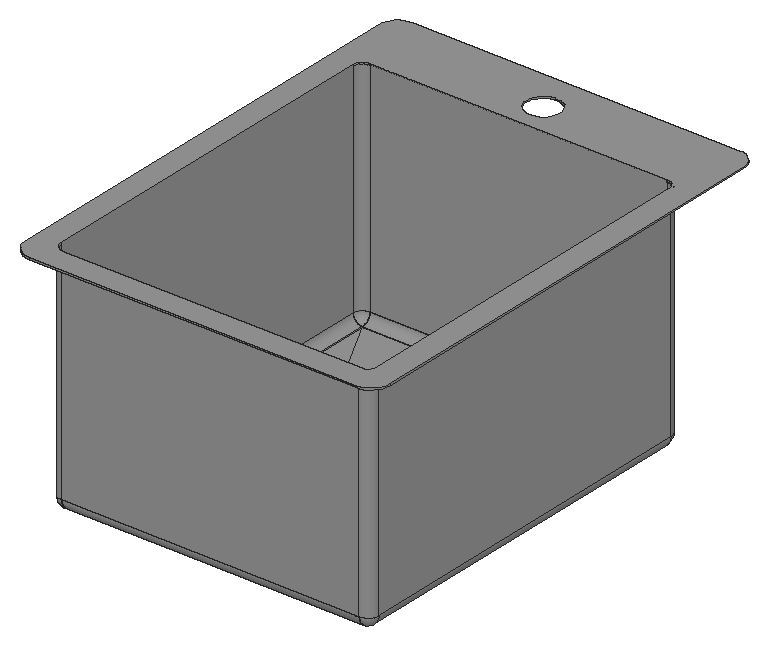
Revit family "BUILDMAT-TLAN020-Evelyn-380-Tap-Landing-Stainless-Steel", category Plumbing Fixtures, host Face, Revit 2020
Family settings
  Host = Face
  Round Connector Dimension = Use Diameter
  Part Type = Normal
  Cut with Voids When Loaded = No
  Shared = No
  Room Calculation Point = No
Parameters (values of type "Evelyn 380x500x250mm")
  Width = 330.0 mm
  Undermount [instance] = 0.0 mm
  URL = "https://www.buildmat.com.au/products/evelyn-380-single-bowl-tap-landing-sink"
  Model = "TLAN020"  # constant formula
  Manufacturer URL = "https://www.buildmat.com.au/"
  Manufacturer = "BUILDMAT"  # constant formula
  Length = 400.0 mm
  Description = "BUILDMAT - Evelyn 380x500 Single Bowl with Tap Landing Sink"  # constant formula
  Depth = 250.0 mm
  Default Elevation = 1219.2 mm
  Created By URL = "https://www.buildmat.com.au/"
  Created By = "BUILDMAT"  # constant formula
  Created = "22.06.2022"  # constant formula
  Material = BUILDMAT Stainless Steel
Reference planes
  plane 1 "Center (Front/Back)": y = 0
  plane 2: z = 0
  plane 3 "Center (Left/Right)": x = 0
  plane 4 "Top Substrate": z = 0
  plane 5 "Left": x = -165
  plane 6 "Right": x = 165
  plane 7 "Back": y = 200
  plane 8 "Front": y = -200
  plane 9: x = -190
  plane 10: x = 190
  plane 11: y = -225
  plane 12: y = 275
  plane 13 "Bottom Void": z = -250
  plane 14: z = 1.5
  plane 15: x = -166.5
  plane 16: y = -201.5
  plane 17: x = 166.5
  plane 18: y = 201.5
  plane 19: z = -240
  plane 20: z = -230
  plane 21: x = -155
  plane 22: x = 155
  plane 23: y = -190
  plane 24: y = 190
  plane 25: z = -245
  plane 26: z = -241.5
  plane 27: z = -246.5
  plane 28: x = -100
  plane 29: x = 100
  plane 30 "Sound Pad": z = -130
  plane 31 "Front Bracket": y = -100
  plane 32 "Back Bracket": y = 100
  plane 33: x = -65
  plane 34: x = 65
  plane 35: x = -57
  plane 36: x = 57
  plane 37: x = -45
  plane 38: x = 45
  plane 39: y = 232
  plane 40: y = 251.5
  plane 41: x = -178.2
  plane 42: z = -15
  plane 43: x = 178.2
  plane 44: x = -176.7
  plane 45: x = 176.7
Forms (mm)
  Extrusion 1, void
    sketch origin (0, 0, 0) x (1, 0, 0) y (0, 1, 0)
      loop
        arc (-155, 200) -> (-162.071, 197.071) -> (-165, 190) r 10
        line (-165, 190) -> (-165, -190)
        arc (-165, -190) -> (-162.071, -197.071) -> (-155, -200) r 10
        line (-155, -200) -> (155, -200)
        arc (155, -200) -> (162.071, -197.071) -> (165, -190) r 10
        line (165, -190) -> (165, 190)
        arc (165, 190) -> (162.071, 197.071) -> (155, 200) r 10
        line (155, 200) -> (-155, 200)
    from 0 to 1.5
  Extrusion 2, void
    sketch origin (0, 0, 0) x (1, 0, 0) y (0, 1, 0)
      loop
        line (-166.5, 201.5) -> (-166.5, -201.5) -> (166.5, -201.5) -> (166.5, 201.5) -> (-166.5, 201.5)
    from 0 to -250
  Extrusion 3, void
    sketch origin (0, 0, 0) x (1, 0, 0) y (0, 1, 0)
      loop
        arc (-170, 275) -> (-184.142, 269.142) -> (-190, 255) r 20
        line (-190, 255) -> (-190, -205)
        arc (-190, -205) -> (-184.142, -219.142) -> (-170, -225) r 20
        line (-170, -225) -> (170, -225)
        arc (170, -225) -> (184.142, -219.142) -> (190, -205) r 20
        line (190, -205) -> (190, 255)
        arc (190, 255) -> (184.142, 269.142) -> (170, 275) r 20
        line (170, 275) -> (-170, 275)
    from 1.5 to 0
  Extrusion 4, solid, material "BUILDMAT Stainless Steel" <- "Material"
    sketch origin (0, 0, 0) x (-1, 0, 0) y (0, -1, 0)
      loop
        arc (170, -275) -> (184.142, -269.142) -> (190, -255) r 20
        line (190, -255) -> (190, 205)
        arc (190, 205) -> (184.142, 219.142) -> (170, 225) r 20
        line (170, 225) -> (-170, 225)
        arc (-170, 225) -> (-184.142, 219.142) -> (-190, 205) r 20
        line (-190, 205) -> (-190, -255)
        arc (-190, -255) -> (-184.142, -269.142) -> (-170, -275) r 20
        line (-170, -275) -> (170, -275)
      loop
        arc (155, -200) -> (162.071, -197.071) -> (165, -190) r 10
        line (165, -190) -> (165, 190)
        arc (165, 190) -> (162.071, 197.071) -> (155, 200) r 10
        line (155, 200) -> (-155, 200)
        arc (-155, 200) -> (-162.071, 197.071) -> (-165, 190) r 10
        line (-165, 190) -> (-165, -190)
        arc (-165, -190) -> (-162.071, -197.071) -> (-155, -200) r 10
        line (-155, -200) -> (155, -200)
    from 0 to 1.5
  Extrusion 5, solid, material "BUILDMAT Stainless Steel" <- "Material"
    sketch origin (0, 0, 0) x (-1, 0, 0) y (0, -1, 0)
      loop
        arc (155, -201.5) -> (163.132, -198.132) -> (166.5, -190) r 11.5
        line (166.5, -190) -> (166.5, 190)
        arc (166.5, 190) -> (163.132, 198.132) -> (155, 201.5) r 11.5
        line (155, 201.5) -> (-155, 201.5)
        arc (-155, 201.5) -> (-163.132, 198.132) -> (-166.5, 190) r 11.5
        line (-166.5, 190) -> (-166.5, -190)
        arc (-166.5, -190) -> (-163.132, -198.132) -> (-155, -201.5) r 11.5
        line (-155, -201.5) -> (155, -201.5)
      loop
        arc (-155, 200) -> (-162.071, 197.071) -> (-165, 190) r 10
        line (-165, 190) -> (-165, -190)
        arc (-165, -190) -> (-162.071, -197.071) -> (-155, -200) r 10
        line (-155, -200) -> (155, -200)
        arc (155, -200) -> (162.071, -197.071) -> (165, -190) r 10
        line (165, -190) -> (165, 190)
        arc (165, 190) -> (162.071, 197.071) -> (155, 200) r 10
        line (155, 200) -> (-155, 200)
    from 0 to -230
  Revolve 6, solid, material "BUILDMAT Stainless Steel" <- "Material"
    sketch origin (-175.162, 190, 1219.2) x (-1, 0, 0) y (0, 0, 1)
      loop
        line (-340.162, -1449.2) -> (-341.662, -1449.2)
        arc (-341.662, -1449.2) -> (-338.293, -1457.332) -> (-330.162, -1460.7) r 11.5
        line (-330.162, -1460.7) -> (-330.162, -1459.2)
        arc (-330.162, -1459.2) -> (-337.233, -1456.271) -> (-340.162, -1449.2) r 10
      axis (-330.162, -1460.7) -> (-330.162, -1449.2)
    angle from 0 to -90
  Revolve 7, solid, material "BUILDMAT Stainless Steel" <- "Material"
    sketch origin (-175.162, 190, 1219.2) x (-1, 0, 0) y (0, 0, 1)
      loop
        arc (-10.162, -1449.2) -> (-13.091, -1456.271) -> (-20.162, -1459.2) r 10
        line (-20.162, -1459.2) -> (-20.162, -1460.7)
        arc (-20.162, -1460.7) -> (-12.03, -1457.332) -> (-8.662, -1449.2) r 11.5
        line (-8.662, -1449.2) -> (-10.162, -1449.2)
      axis (-20.162, -1449.2) -> (-20.162, -1460.7)
    angle from 0 to -90
  Revolve 8, solid, material "BUILDMAT Stainless Steel" <- "Material"
    sketch origin (-175.162, -190, 1219.2) x (-1, 0, 0) y (0, 0, 1)
      loop
        arc (-10.162, -1449.2) -> (-13.091, -1456.271) -> (-20.162, -1459.2) r 10
        line (-20.162, -1459.2) -> (-20.162, -1460.7)
        arc (-20.162, -1460.7) -> (-12.03, -1457.332) -> (-8.662, -1449.2) r 11.5
        line (-8.662, -1449.2) -> (-10.162, -1449.2)
      axis (-20.162, -1449.2) -> (-20.162, -1460.7)
    angle from 0 to 90
  Revolve 9, solid, material "BUILDMAT Stainless Steel" <- "Material"
    sketch origin (-175.162, -190, 1219.2) x (-1, 0, 0) y (0, 0, 1)
      loop
        line (-340.162, -1449.2) -> (-341.662, -1449.2)
        arc (-341.662, -1449.2) -> (-338.293, -1457.332) -> (-330.162, -1460.7) r 11.5
        line (-330.162, -1460.7) -> (-330.162, -1459.2)
        arc (-330.162, -1459.2) -> (-337.233, -1456.271) -> (-340.162, -1449.2) r 10
      axis (-330.162, -1449.2) -> (-330.162, -1460.7)
    angle from 0 to 90
  Extrusion 10, solid, material "BUILDMAT Stainless Steel" <- "Material"
    sketch origin (0, 0, 0) x (1, 0, 0) y (0, 0, 1)
      loop
        line (-165, -230) -> (-166.5, -230)
        arc (-166.5, -230) -> (-163.132, -238.132) -> (-155, -241.5) r 11.5
        line (-155, -241.5) -> (-155, -240)
        arc (-155, -240) -> (-162.071, -237.071) -> (-165, -230) r 10
    from -190 to 190
  Extrusion 11, solid, material "BUILDMAT Stainless Steel" <- "Material"
    sketch origin (0, 0, 0) x (1, 0, 0) y (0, 0, 1)
      loop
        arc (165, -230) -> (162.071, -237.071) -> (155, -240) r 10
        line (155, -240) -> (155, -241.5)
        arc (155, -241.5) -> (163.132, -238.132) -> (166.5, -230) r 11.5
        line (166.5, -230) -> (165, -230)
    from -190 to 190
  Extrusion 12, solid, material "BUILDMAT Stainless Steel" <- "Material"
    sketch origin (0, 0, 0) x (0, 1, 0) y (0, 0, 1)
      loop
        arc (200, -230) -> (197.071, -237.071) -> (190, -240) r 10
        line (190, -240) -> (190, -241.5)
        arc (190, -241.5) -> (198.132, -238.132) -> (201.5, -230) r 11.5
        line (201.5, -230) -> (200, -230)
    from -155 to 155
  Extrusion 13, solid, material "BUILDMAT Stainless Steel" <- "Material"
    sketch origin (0, 0, 0) x (0, 1, 0) y (0, 0, 1)
      loop
        line (-200, -230) -> (-201.5, -230)
        arc (-201.5, -230) -> (-198.132, -238.132) -> (-190, -241.5) r 11.5
        line (-190, -241.5) -> (-190, -240)
        arc (-190, -240) -> (-197.071, -237.071) -> (-200, -230) r 10
    from -155 to 155
  Revolve 14, solid, material "BUILDMAT Stainless Steel" <- "Material"
    sketch origin (0, 0, 0) x (1, 0, 0) y (0, 0, 1)
      loop
        line (-45, -250) -> (-45, -248.5)
        spline (-45, -248.5) -> (-46.484, -248.459) -> (-47.939, -248.339) -> (-49.337, -248.141) -> (-50.649, -247.871) -> (-51.848, -247.537) -> (-52.908, -247.151) -> (-53.805, -246.726) -> (-54.514, -246.283) -> (-55.023, -245.856) -> (-55.329, -245.483) -> (-55.468, -245.202) -> (-55.5, -245)
        line (-55.5, -245) -> (-57, -245)
        spline (-57, -245) -> (-56.897, -245.653) -> (-56.591, -246.294) -> (-56.087, -246.913) -> (-55.392, -247.5) -> (-54.52, -248.044) -> (-53.485, -248.536) -> (-52.305, -248.967) -> (-51, -249.33) -> (-49.592, -249.619) -> (-48.106, -249.83) -> (-46.566, -249.957) -> (-45, -250)
      axis (0, -245) -> (0, -250)
    angle from 0 to 360
  Blend 15, solid, material "BUILDMAT Stainless Steel" <- "Material"
    base sketch origin (0, 0, 0) x (-1, 0, 0) y (0, -1, 0)
      loop
        circle (0, 0) r 57
    top sketch origin (0, 0, 0) x (-1, 0, 0) y (0, -1, 0)
      loop
        line (155, -190) -> (155, 190) -> (-155, 190) -> (-155, -190) -> (155, -190)
    from -246.5 to -241.5
  Blend 16, void
    base sketch origin (0, 0, 0) x (-1, 0, 0) y (0, -1, 0)
      loop
        circle (0, 0) r 57
    top sketch origin (0, 0, 0) x (-1, 0, 0) y (0, -1, 0)
      loop
        line (155, -190) -> (155, 190) -> (-155, 190) -> (-155, -190) -> (155, -190)
    from -245 to -240
  Extrusion 17, solid, material "BUILDMAT Stainless Steel" <- "Material"
    sketch origin (0, 0, 0) x (-1, 0, 0) y (0, -1, 0)
      loop
        line (155, -190) -> (155, 190) -> (-155, 190) -> (-155, -190) -> (155, -190)
    from -241.5 to -240
  Extrusion 18, void
    sketch origin (0, 0, 0) x (-1, 0, 0) y (0, -1, 0)
      loop
        circle (0, 0) r 57
    from -250 to -230
  Extrusion 19, void
    sketch origin (0, 0, 0) x (-1, 0, 0) y (0, -1, 0)
      loop
        circle (0, -232) r 17.5
    from 0 to 100
Cuts and joins
  Extrusion 19 cuts Extrusion 4
  Extrusion 19 cuts Extrusion 5
  joined: Extrusion 4, Extrusion 5
  joined: Revolve 6, Revolve 9
  joined: Revolve 7, Revolve 8
  Blend 16, Extrusion 18 cuts Blend 15
  Blend 16, Extrusion 18 cuts Extrusion 17
  joined: Blend 15, Extrusion 17
Lines and regions (mm)
  Masking region 1
    outline origin (0, 0, 0) x (1, 0, 0) y (0, 0, 1)
      loop
        line (165, 0) -> (-165, 0) -> (-165, -230)
        arc (-165, -230) -> (-162.071, -237.071) -> (-155, -240) r 10
        line (-155, -240) -> (-57, -245) -> (57, -245) -> (155, -240)
        arc (155, -240) -> (162.071, -237.071) -> (165, -230) r 10
        line (165, -230) -> (165, 0)
  Masking region 2
    outline origin (0, 0, 0) x (1, 0, 0) y (0, 0, 1)
      loop
        line (-100, -244.306) -> (-100, -250) -> (-57, -250) -> (-57, -246.5) -> (-100, -244.306)
  Masking region 3
    outline origin (0, 0, 0) x (1, 0, 0) y (0, 0, 1)
      loop
        line (57, -246.5) -> (57, -250) -> (100, -250) -> (100, -244.306) -> (57, -246.5)
  Masking region 4
    outline origin (0, 0, 0) x (1, 0, 0) y (0, 0, 1)
      loop
        line (-178.2, 0) -> (-178.2, -15) -> (-176.7, -15) -> (-176.7, 0) -> (-178.2, 0)
  Masking region 5
    outline origin (0, 0, 0) x (1, 0, 0) y (0, 0, 1)
      loop
        line (176.7, 0) -> (176.7, -15) -> (178.2, -15) -> (178.2, 0) -> (176.7, 0)
Text (mm)
  text "Refer to www.buildmat.com.au for the most current product literature. \nAllow a +/- 5mm tolerance for dimensions shown in the product literature. \nPlease note product details are subject to change due to ongoing product development." at (0.056, -1035.857, 0), in view "Ref. Level"
Dimensions and locks
  "Undermount": plane 2 to plane 4 "Top Substrate"
  equal spacing: plane 5 "Left", plane 3 "Center (Left/Right)", plane 6 "Right"
  "Width": plane 5 "Left" to plane 6 "Right"
  "Length": plane 7 "Back" to plane 8 "Front"
  equal spacing: plane 7 "Back", plane 1 "Center (Front/Back)", plane 8 "Front"
  locked: plane 12 to plane 7 "Back" at 75
  locked: plane 8 "Front" to plane 11 at 25
  locked: plane 9 to plane 5 "Left" at 25
  locked: plane 6 "Right" to plane 10 at 25
  "Depth": plane 4 "Top Substrate" to plane 13 "Bottom Void"
  locked: plane 14 to plane 4 "Top Substrate" at 1.5
  locked: plane 18 to plane 7 "Back" at 1.5
  locked: plane 8 "Front" to plane 16 at 1.5
  plane 15 to plane 5 "Left" = 1.5 mm
  plane 6 "Right" to plane 17 = 1.5 mm
  plane 20 to plane 19 to plane 13 "Bottom Void" = 10.0 mm, 10.0 mm
  locked: plane 5 "Left" to plane 21 at 10
  locked: plane 22 to plane 6 "Right" at 10
  locked: plane 7 "Back" to plane 24 at 10
  locked: plane 23 to plane 8 "Front" at 10
  locked: plane 19 to plane 26 at 1.5
  locked: plane 25 to plane 13 "Bottom Void" at 5
  locked: plane 25 to plane 27 at 1.5
  plane 29 to plane 3 "Center (Left/Right)" to plane 28 = 100.0 mm locked, 100.0 mm locked
  locked: plane 30 "Sound Pad" to plane 13 "Bottom Void" at 120
  locked: plane 7 "Back" to plane 32 "Back Bracket" at 100
  locked: plane 31 "Front Bracket" to plane 8 "Front" at 100
  locked: plane 33 to plane 5 "Left" at 100
  locked: plane 6 "Right" to plane 34 at 100
  plane 37 to plane 3 "Center (Left/Right)" to plane 38 = 45.0 mm locked, 45.0 mm locked
  plane 35 to plane 3 "Center (Left/Right)" to plane 36 = 57.0 mm locked, 57.0 mm locked
  locked: plane 12 to plane 39 at 43
  locked: plane 40 to plane 18 at 50
  plane 44 to plane 41 to plane 9 = 1.5 mm locked, 11.8 mm locked
  plane 10 to plane 43 to plane 45 = 11.8 mm locked, 1.5 mm locked
  locked: plane 4 "Top Substrate" to plane 42 at 15
  aligned and locked: plane 2 to host face
  aligned and locked: level to host face
  aligned and locked: plane 8 "Front" to Extrusion 1 sketch curve
  aligned and locked: Extrusion 1 sketch curve to plane 7 "Back"
  aligned and locked: plane 5 "Left" to Extrusion 1 sketch curve
  aligned and locked: Extrusion 1 sketch curve to plane 6 "Right"
  aligned and locked: plane 2 to Extrusion 1
  aligned and locked: Extrusion 1 to plane 14
  aligned and locked: Extrusion 2 sketch curve to plane 16
  aligned and locked: Extrusion 2 sketch curve to plane 18
  aligned and locked: plane 15 to Extrusion 2 sketch curve
  aligned and locked: plane 17 to Extrusion 2 sketch curve
  aligned and locked: Extrusion 2 to plane 13 "Bottom Void"
  aligned and locked: plane 4 "Top Substrate" to Extrusion 2
  aligned and locked: plane 11 to Extrusion 3 sketch curve
  aligned and locked: plane 9 to Extrusion 3 sketch curve
  aligned and locked: Extrusion 3 sketch curve to plane 10
  aligned and locked: Extrusion 3 sketch curve to plane 12
  aligned and locked: Extrusion 3 to plane 4 "Top Substrate"
  aligned and locked: plane 14 to Extrusion 3
  aligned and locked: plane 11 to Extrusion 4 sketch curve
  aligned and locked: Extrusion 4 sketch curve to plane 12
  aligned and locked: plane 9 to Extrusion 4 sketch curve
  aligned and locked: Extrusion 4 sketch curve to plane 10
  aligned and locked: plane 5 "Left" to Extrusion 4 sketch curve
  aligned and locked: Extrusion 4 sketch curve to plane 6 "Right"
  aligned and locked: Extrusion 4 sketch curve to plane 7 "Back"
  aligned and locked: plane 8 "Front" to Extrusion 4 sketch curve
  aligned and locked: Extrusion 5 sketch curve to plane 7 "Back"
  aligned and locked: plane 5 "Left" to Extrusion 5 sketch curve
  aligned and locked: Extrusion 5 sketch curve to plane 6 "Right"
  aligned and locked: plane 8 "Front" to Extrusion 5 sketch curve
  aligned and locked: plane 15 to Extrusion 5 sketch curve
  aligned and locked: Extrusion 5 sketch curve to plane 16
  aligned and locked: plane 17 to Extrusion 5 sketch curve
  aligned and locked: Extrusion 5 sketch curve to plane 18
  aligned and locked: Extrusion 5 to plane 20
  aligned and locked: plane 4 "Top Substrate" to Extrusion 5
  aligned and locked: Extrusion 11 to plane 23
  aligned and locked: plane 24 to Extrusion 11
  aligned and locked: plane 24 to Extrusion 10
  aligned and locked: Extrusion 10 to plane 23
  aligned and locked: Extrusion 13 to plane 21
  aligned and locked: plane 22 to Extrusion 13
  aligned and locked: plane 22 to Extrusion 12
  aligned and locked: Extrusion 12 to plane 21
  aligned and locked: plane 21 to Blend 15 sketch curve
  aligned and locked: Blend 15 sketch curve to plane 22
  aligned and locked: plane 23 to Blend 15 sketch curve
  aligned and locked: Blend 15 sketch curve to plane 24
  aligned and locked: plane 27 to Blend 15
  aligned and locked: Blend 15 to plane 26
  aligned and locked: Blend 16 sketch curve to plane 24
  aligned and locked: plane 21 to Blend 16 sketch curve
  aligned and locked: Blend 16 sketch curve to plane 22
  aligned and locked: plane 23 to Blend 16 sketch curve
  aligned and locked: Blend 16 to plane 25
  aligned and locked: plane 19 to Blend 16
  aligned and locked: Extrusion 17 sketch curve to plane 24
  aligned and locked: plane 23 to Extrusion 17 sketch curve
  aligned and locked: plane 21 to Extrusion 17 sketch curve
  aligned and locked: Extrusion 17 sketch curve to plane 22
  aligned and locked: Extrusion 17 to plane 26
  aligned and locked: plane 19 to Extrusion 17
  aligned and locked: Extrusion 18 to plane 13 "Bottom Void"
  aligned and locked: plane 20 to Extrusion 18
  aligned and locked: cut or joined group of Blend 15, Blend 16, Extrusion 17, Extrusion 18 to Masking region 2 sketch curve
  aligned and locked: Masking region 3 sketch curve to cut or joined group of Blend 15, Blend 16, Extrusion 17, Extrusion 18
  aligned and locked: plane 3 "Center (Left/Right)" to nested 1
  aligned and locked: nested 1 to plane 30 "Sound Pad"
  aligned and locked: plane 31 "Front Bracket" to nested 3
  aligned and locked: plane 15 to nested 3
  aligned and locked: nested 5 to plane 31 "Front Bracket"
  aligned and locked: plane 17 to nested 5
  aligned and locked: nested 4 to plane 32 "Back Bracket"
  aligned and locked: plane 17 to nested 4
  aligned and locked: plane 32 "Back Bracket" to nested 2
  aligned and locked: plane 15 to nested 2
  aligned and locked: nested 6 to plane 4 "Top Substrate"
  aligned and locked: nested 6 to plane 33
  aligned and locked: nested 7 to plane 4 "Top Substrate"
  aligned and locked: nested 7 to plane 34
  aligned and locked: nested 10 to plane 33
  aligned and locked: nested 11 to plane 34
  aligned and locked: plane 16 to nested 10
  aligned and locked: plane 16 to nested 11
  aligned and locked: plane 33 to nested 8
  aligned and locked: plane 34 to nested 9
  aligned and locked: plane 23 to nested 12
  aligned and locked: plane 24 to nested 12
  aligned and locked: plane 22 to nested 12
  aligned and locked: plane 21 to nested 12
  aligned and locked: plane 3 "Center (Left/Right)" to nested 13
  aligned and locked: plane 1 "Center (Front/Back)" to nested 13
  aligned and locked: plane 4 "Top Substrate" to Masking region 1
  aligned and locked: nested 9 to plane 40
  aligned and locked: nested 8 to plane 40
  aligned and locked: Extrusion 19 to plane 4 "Top Substrate"
  aligned and locked: Masking region 4 sketch curve to plane 4 "Top Substrate"
  aligned and locked: Masking region 4 sketch curve to plane 42
  aligned and locked: Masking region 4 sketch curve to plane 41
  aligned and locked: Masking region 4 sketch curve to plane 44
  aligned and locked: Masking region 5 sketch curve to plane 4 "Top Substrate"
  aligned and locked: Masking region 5 sketch curve to plane 42
  aligned and locked: Masking region 5 sketch curve to plane 43
  aligned and locked: Masking region 5 sketch curve to plane 45
Automatic sketch dimensions
  host sketch curve to host sketch curve = 2438.4 mm  (x2)
  plane 5 "Left" to Extrusion 1 sketch curve = 10.0 mm  (x2)
  Extrusion 1 sketch curve to plane 6 "Right" = 10.0 mm  (x2)
  Extrusion 4 sketch curve to plane 10 = 20.0 mm  (x2)
  Extrusion 4 sketch curve to Extrusion 4 sketch curve = 10.0 mm  (x2)
  plane 5 "Left" to Extrusion 4 sketch curve = 10.0 mm
  plane 9 to Extrusion 4 sketch curve = 20.0 mm
  plane 8 "Front" to Extrusion 4 sketch curve = 10.0 mm
  plane 11 to Extrusion 4 sketch curve = 20.0 mm
  Extrusion 3 sketch curve to plane 5 "Left" = 5.0 mm
  plane 6 "Right" to Extrusion 3 sketch curve = 5.0 mm  (x2)
  plane 7 "Back" to Extrusion 3 sketch curve = 55.0 mm
  plane 5 "Left" to Extrusion 5 sketch curve = 10.0 mm
  Extrusion 5 sketch curve to plane 6 "Right" = 10.0 mm
  plane 8 "Front" to Extrusion 5 sketch curve = 10.0 mm
  Extrusion 5 sketch curve to plane 7 "Back" = 10.0 mm
  Extrusion 5 sketch curve to Extrusion 5 sketch curve = 0.0 mm  (x4)
  Revolve 6 sketch curve to Revolve 6 sketch curve = 0.0 mm  (x3)
  plane 17 to Revolve 6 sketch curve = 0.0 mm
  Revolve 6 sketch curve to plane 6 "Right" = 0.0 mm
  Revolve 6 sketch curve to plane 22 = 0.0 mm  (x2)
  Revolve 6 sketch curve to plane 19 = 0.0 mm
  Revolve 6 sketch curve to plane 20 = 0.0 mm
  Revolve 7 sketch curve to Revolve 7 sketch curve = 0.0 mm  (x3)
  Revolve 7 sketch curve to plane 20 = 0.0 mm  (x2)
  Revolve 7 sketch curve to plane 21 = 0.0 mm  (x2)
  Revolve 7 sketch curve to plane 5 "Left" = 0.0 mm
  Revolve 7 sketch curve to plane 15 = 0.0 mm
  Revolve 8 sketch curve to Revolve 8 sketch curve = 0.0 mm  (x3)
  Revolve 8 sketch curve to plane 20 = 0.0 mm  (x2)
  Revolve 8 sketch curve to plane 21 = 0.0 mm  (x2)
  Revolve 8 sketch curve to plane 5 "Left" = 0.0 mm
  Revolve 8 sketch curve to plane 15 = 0.0 mm
  Revolve 9 sketch curve to Revolve 9 sketch curve = 0.0 mm  (x3)
  plane 17 to Revolve 9 sketch curve = 0.0 mm
  Revolve 9 sketch curve to plane 6 "Right" = 0.0 mm
  Revolve 9 sketch curve to plane 22 = 0.0 mm  (x2)
  Revolve 9 sketch curve to plane 20 = 0.0 mm
  Revolve 9 sketch curve to plane 19 = 0.0 mm
  Extrusion 10 sketch curve to plane 15 = 0.0 mm
  Extrusion 10 sketch curve to plane 5 "Left" = 0.0 mm
  Extrusion 10 sketch curve to plane 19 = 0.0 mm
  Extrusion 10 sketch curve to plane 21 = 0.0 mm
  Extrusion 11 sketch curve to plane 20 = 0.0 mm
  Extrusion 11 sketch curve to plane 22 = 0.0 mm
  Extrusion 11 sketch curve to plane 6 "Right" = 0.0 mm
  plane 17 to Extrusion 11 sketch curve = 0.0 mm
  Extrusion 12 sketch curve to plane 20 = 0.0 mm
  Extrusion 12 sketch curve to plane 24 = 0.0 mm
  Extrusion 12 sketch curve to plane 7 "Back" = 0.0 mm
  Extrusion 12 sketch curve to plane 18 = 0.0 mm
  Extrusion 13 sketch curve to plane 16 = 0.0 mm
  Extrusion 13 sketch curve to plane 8 "Front" = 0.0 mm
  Extrusion 13 sketch curve to plane 23 = 0.0 mm
  Extrusion 13 sketch curve to plane 19 = 0.0 mm
  Revolve 14 sketch curve to plane 25 = 0.0 mm
  Revolve 14 sketch curve to plane 13 "Bottom Void" = 0.0 mm  (x2)
  Revolve 14 sketch curve to plane 3 "Center (Left/Right)" = 0.0 mm
  Revolve 14 sketch curve to plane 20 = 0.0 mm
  Revolve 14 sketch curve to plane 3 "Center (Left/Right)" = 45.0 mm
  Revolve 14 sketch curve to Revolve 14 sketch curve = 10.5 mm
  Revolve 14 sketch curve to Revolve 14 sketch curve = 1.5 mm  (x2)
  Revolve 14 sketch curve to Revolve 14 sketch curve = 0.0 mm
  plane 1 "Center (Front/Back)" to Blend 15 sketch curve = 0.0 mm
  Blend 15 sketch curve to plane 3 "Center (Left/Right)" = 0.0 mm
  plane 1 "Center (Front/Back)" to Blend 16 sketch curve = 0.0 mm
  Blend 16 sketch curve to plane 3 "Center (Left/Right)" = 0.0 mm
  plane 1 "Center (Front/Back)" to Extrusion 18 sketch curve = 0.0 mm
  Extrusion 18 sketch curve to plane 3 "Center (Left/Right)" = 0.0 mm
  Masking region 1 sketch curve to level = 0.0 mm
  Masking region 1 sketch curve to plane 20 = 0.0 mm
  Masking region 1 sketch curve to plane 21 = 0.0 mm
  Masking region 1 sketch curve to plane 25 = 0.0 mm
  Masking region 1 sketch curve to plane 3 "Center (Left/Right)" = 57.0 mm
  plane 3 "Center (Left/Right)" to Masking region 1 sketch curve = 57.0 mm
  Masking region 1 sketch curve to plane 19 = 0.0 mm
  Masking region 1 sketch curve to plane 22 = 0.0 mm
  Masking region 1 sketch curve to plane 6 "Right" = 0.0 mm
  Masking region 1 sketch curve to plane 5 "Left" = 0.0 mm
  Masking region 2 sketch curve to plane 28 = 0.0 mm
  Masking region 2 sketch curve to plane 13 "Bottom Void" = 0.0 mm
  Masking region 2 sketch curve to plane 27 = 0.0 mm
  Masking region 3 sketch curve to plane 27 = 0.0 mm
  Masking region 3 sketch curve to plane 13 "Bottom Void" = 0.0 mm
  Masking region 3 sketch curve to plane 29 = 0.0 mm
  Extrusion 19 sketch curve to plane 3 "Center (Left/Right)" = 0.0 mm
  Extrusion 19 sketch curve to plane 39 = 0.0 mm
  radius of Blend 15 sketch curve = 57.0 mm
  radius of Blend 16 sketch curve = 57.0 mm
  radius of Extrusion 18 sketch curve = 57.0 mm
  radius of Extrusion 19 sketch curve = 17.5 mm
Nested families
  nested 1: "SP_Front" at (0, 0, -130) x (1, 0, 0) z (0, -1, 0), type "SP_Front", not visible
  nested 2: "TMB_Plan" at (-166.5, 100, 0) x (0, 1, 0) z (0, 0, 1), type "TMB_Plan"
  nested 3: "TMB_Plan" at (-166.5, -100, 0) x (0, 1, 0) z (0, 0, 1), type "TMB_Plan"
  nested 4: "TMB_Plan" at (166.5, 100, 0) x (0, -1, 0) z (0, 0, 1), type "TMB_Plan"
  nested 5: "TMB_Plan" at (166.5, -100, 0) x (0, -1, 0) z (0, 0, 1), type "TMB_Plan"
  nested 6: "TMB_Front" at (-65, 0, 0) x (1, 0, 0) z (0, -1, 0), type "TMB_Front"
  nested 7: "TMB_Front" at (65, 0, 0) x (1, 0, 0) z (0, -1, 0), type "TMB_Front"
  nested 8: "TMB_Plan" at (-65, 251.5, 0), type "TMB_Plan"
  nested 9: "TMB_Plan" at (65, 251.5, 0), type "TMB_Plan"
  nested 10: "TMB_Plan" at (-65, -201.5, 0) x (-1, 0, 0) z (0, 0, 1), type "TMB_Plan"
  nested 11: "TMB_Plan" at (65, -201.5, 0) x (-1, 0, 0) z (0, 0, 1), type "TMB_Plan"
  nested 12: "BOWL Plan" at (0, 0, -130), type "BOWL Plan"
    with Width 310.0 mm, Lenght 380.0 mm
  nested 13: "DRAIN" at (0, 0, 0), type "DRAIN"
Definition of nested family "SP_Front"
  Reference planes
    plane 1 "Center (Elevation)": y = 0
    plane 2: z = 0
    plane 3 "Center (Left/Right)": x = 0
  Lines and regions (mm)
    Masking region 1, in view "Ref. Level"
      outline origin (0, 0, 0) x (1, 0, 0) y (0, 1, 0)
        loop
          arc (-50, 40) -> (-57.071, 37.071) -> (-60, 30) r 10
          line (-60, 30) -> (-60, -30)
          arc (-60, -30) -> (-57.071, -37.071) -> (-50, -40) r 10
          line (-50, -40) -> (50, -40)
          arc (50, -40) -> (57.071, -37.071) -> (60, -30) r 10
          line (60, -30) -> (60, 30)
          arc (60, 30) -> (57.071, 37.071) -> (50, 40) r 10
          line (50, 40) -> (-50, 40)
    detail lines, in view "Ref. Level"
      curve 1: line (-50, 40, 0) -> (50, 40, 0)
      curve 2: line (50, -40, 0) -> (-50, -40, 0)
      curve 3: line (60, 30, 0) -> (60, -30, 0)
      curve 4: line (-60, 30, 0) -> (-60, -30, 0)
      curve 5: arc (-50, 40, 0) -> (-57.071, 37.071, 0) -> (-60, 30, 0) r 10
      curve 6: arc (-60, -30, 0) -> (-57.071, -37.071, 0) -> (-50, -40, 0) r 10
      curve 7: arc (50, -40, 0) -> (57.071, -37.071, 0) -> (60, -30, 0) r 10
      curve 8: arc (60, 30, 0) -> (57.071, 37.071, 0) -> (50, 40, 0) r 10
  Dimensions and locks
    aligned and locked: Masking region 1 sketch curve to curve 1
    aligned and locked: Masking region 1 sketch curve to curve 4
    aligned and locked: Masking region 1 sketch curve to curve 2
    aligned and locked: Masking region 1 sketch curve to curve 3
Definition of nested family "TMB_Plan"
  Reference planes
    plane 1 "Center (Front/Back)": y = 0
    plane 2: z = 0
    plane 3 "Center (Left/Right)": x = 0
  Lines and regions (mm)
    detail lines, in view "Ref. Level"
      curve 1: line (-17.5, 0, 0) -> (17.5, 0, 0)
      curve 2: line (17.5, 0, 0) -> (17.5, 5, 0)
      curve 3: line (17.5, 5, 0) -> (12.5, 5, 0)
      curve 4: line (-17.5, 0, 0) -> (-17.5, 5, 0)
      curve 5: line (-17.5, 5, 0) -> (-12.5, 5, 0)
Definition of nested family "TMB_Front"
  Reference planes
    plane 1 "Center (Elevation)": y = 0
    plane 2: z = 0
    plane 3 "Center (Left/Right)": x = 0
  Lines and regions (mm)
    Masking region 1, in view "Ref. Level"
      outline origin (0, 0, 0) x (1, 0, 0) y (0, 1, 0)
        loop
          line (-17.5, 0) -> (-17.5, -80) -> (17.5, -80) -> (17.5, 0) -> (-17.5, 0)
    detail lines, in view "Ref. Level"
      curve 1: line (-17.5, 0, 0) -> (-17.5, -80, 0)
      curve 2: line (-17.5, -80, 0) -> (17.5, -80, 0)
      curve 3: line (17.5, -80, 0) -> (17.5, 0, 0)
      curve 4: line (-12.5, -50, 0) -> (12.5, -50, 0)
      curve 5: line (-12.5, -75, 0) -> (-12.5, -50, 0)
      curve 6: line (12.5, -75, 0) -> (-12.5, -75, 0)
      curve 7: line (12.5, -50, 0) -> (12.5, -75, 0)
Definition of nested family "BOWL Plan"
  Parameters (values of type "BOWL Plan")
    Width [instance] = 600.0 mm
    Lenght [instance] = 400.0 mm
  Reference planes
    plane 1 "Center (Front/Back)": y = 0
    plane 2: z = 0
    plane 3 "Center (Left/Right)": x = 0
    plane 4 "Left": x = -300
    plane 5 "Right": x = 300
    plane 6 "Back": y = 200
    plane 7 "Front": y = -200
  Lines and regions (mm)
    Masking region 1, in view "Ref. Level"
      outline origin (0, 0, 0) x (1, 0, 0) y (0, 1, 0)
        loop
          line (-300, 200) -> (-300, -200) -> (300, -200) -> (300, 200) -> (-300, 200)
    detail lines, in view "Ref. Level"
      curve 1: line (-300, 200, 0) -> (300, -200, 0)
      curve 2: line (-300, -200, 0) -> (300, 200, 0)
  Dimensions and locks
    equal spacing: plane 6 "Back", plane 1 "Center (Front/Back)", plane 7 "Front"
    "Lenght": plane 6 "Back" to plane 7 "Front"
    equal spacing: plane 4 "Left", plane 3 "Center (Left/Right)", plane 5 "Right"
    "Width": plane 4 "Left" to plane 5 "Right"
    aligned and locked: plane 4 "Left" to Masking region 1 sketch curve
    aligned and locked: Masking region 1 sketch curve to plane 5 "Right"
    aligned and locked: plane 7 "Front" to Masking region 1 sketch curve
    aligned and locked: Masking region 1 sketch curve to plane 6 "Back"
  Automatic sketch dimensions
    curve 2 to plane 4 "Left" = 0.0 mm
    curve 1 to plane 4 "Left" = 0.0 mm
    curve 2 to plane 5 "Right" = 0.0 mm
    curve 1 to plane 5 "Right" = 0.0 mm
    curve 1 to plane 7 "Front" = 0.0 mm
    curve 2 to plane 7 "Front" = 0.0 mm
    curve 2 to plane 6 "Back" = 0.0 mm
    curve 1 to plane 6 "Back" = 0.0 mm
Definition of nested family "DRAIN"
  Reference planes
    plane 1 "Center (Front/Back)": y = 0
    plane 2: z = 0
    plane 3 "Center (Left/Right)": x = 0
  Lines and regions (mm)
    Masking region 1, in view "Ref. Level"
      outline origin (0, 0, 0) x (1, 0, 0) y (0, 1, 0)
        loop
          circle (0, 0) r 57
    detail lines, in view "Ref. Level"
      curve 1: circle (0, 0, 0) r 45 normal (0, 0, 1)
      curve 2: circle (0, 0, 0) r 55.5 normal (0, 0, 1)
